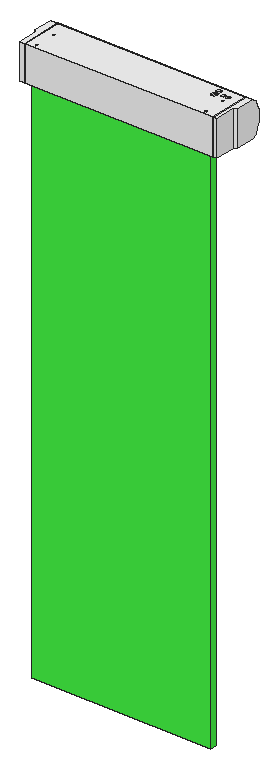
Revit family "Thermoscreens_AirCurtain_C1000NT", category Mechanical Equipment, Revit 2015
Parameters (values of type "C1000A NT")
  Weight = "15kg"
  WaterContent = "0.41 Litres"
  WarrantyStartDate(default) = "from date sold"
  WarrantyGuarantorParts = "2 years"
  WarrantyGuarantorLabour = "2years"
  WarrantyDurationParts = "2years"
  WarrantyDurationLabour = "2 years"
  WarrantyDescription = "unit fully covered for 2 years"
  Version = 1 mm
  UsageCurrent = "0.7"
  UnitWidth = 233.4 mm
  UnitLength = 1059 mm
  UniClass2 = "G52HVAC"
  URL = "http://www.thermoscreens.com/"
  Type Comments = "0.0"
  TubingLength = 87 mm
  ThermalMassHeatCapacity = "0.0"
  ThermalEfficiency = 0 mm
  TempertureClassification = "Low Temperature"
  TagNumber(default) = "n/a"
  SustainabilityPerformance = "n/a"
  Supply = "230V~1P&N"
  Status = "New"
  Size = "1137 x 198 x 275"
  Shape = "n/a"
  ServiceLifeType = "n/a"
  ServiceLifeDuration = "2 years"
  SerialNumber(default) = "n/a"
  RightHandAssembly = no
  ReferenceStandard = "n/a"
  Reference = "n/a"
  RatedVoltage = "230v 1Phase+N"
  RatedCurrent = 0.7 mm
  ProductionYear = "2015"
  ProductURL = "http://www.thermoscreens.com/our-product-range/c-range"
  Process = "n/a"
  PowerFactor = 0 mm
  PlacementType = 0 mm
  ReplacementCost = "n/a"
  PhaseReference = "L1 L2 L3+N+E"
  PhaseAngle = 0 mm
  OutputCapacity = "n/a"
  NumberOfSections = 0 mm
  NumberOfPoles = 0 mm
  NumberOfPanels = 0 mm
  NominalWidth = "198mm"
  NominalVoltage = "0.0"
  NominalLength = "1137mm"
  NominalHeight = "275mm"
  NominalFrequencyRange = 0 mm
  NominalCurrent = "+5% of 230v"
  NBSTypeID = "n/a"
  NBSReference = "n/a"
  NBSNote = "n/a"
  NBSDecription = "Surface mouted air curtain"
  MountingHeight = 3000 mm
  ModelReference = "C1000A NT"
  ModelLable = "n/a"
  Model = "C1000A NT"
  MinToMaxOffsetFromFloor = "up to 3meters"
  MethodOfMeasurement = "mm"
  MaxiumMountingHeight = 3000 mm
  MaxVelocity = "9.0(m/s)"
  MaxAirVolume = "1250(M3/H)"
  Material = "20 gauge sheet steel"
  ManufacturerURL = "http://www.thermoscreens.com/"
  Manufacturer = "Thermoscreens LTD"
  LoadingPerPhase = "0.7(A)*PerPhase"
  LifeCyclePhase = "n/a"
  LeftHandAssembly = yes
  Keynote = "n/a"
  IssueDate = "12/02/15"
  InsulationStandardClass = "0.0"
  InstallationDate(default) = "n/a"
  IfcExportType = "n/a"
  IfcExportAs = "n/a"
  IPCode = "IP21"
  Help = "http://www.thermoscreens.com/contact-us"
  HeatTransferMedium = "n/a"
  HeatTransferDimension = "n/a"
  Heat source = "n/a"
  HeatOutput = "n/a"
  HasProtectiveEarth = "True"
  Grade = "n/a"
  Finish = "Corrision resistant pre-finished 20 gauge sheet steel"
  Filters(optional) = "PS media"
  Features = "n/a"
  Fans = "100mm forward curved metal bladed crossflow impellers"
  EnergySource = 0 mm
  ElectrialDeviceNominalPower = "n/a"
  Documentation = "n/a"
  DocumentReference = "n/a"
  Description = "Thermoscreens C range of air curtains are compact and are the ideal solution where space is at a premium. The air curtains will provide climate separation and available in standard widths of 1, 1.5 and 2m.  Models available are ambient (without heating), electrical or water heated versions. Water heated (LPHW) versions are available with 2 row coils. Motorised three port valves are supplied as standard with all LPHW models. Electrical and LPHW models are supplied complete with Ecopower control."
  Author = "Thermoscreens ltd"
  UnitColor = "RAL standard 9010 (white) this can be changed upon request of the customer"
  Cost = 0
  Constituents = "n/a"
  Connections = "Electrial supply inlet"
  ConductorFunction = "0.0"
  Color = "As standered white but this can be changed to the ordered color."
  CodePerformance = "n/a"
  CenterY = UnitWidth / 2  # 116.7 mm
  CenterX = UnitLength / 2  # 529.5 mm
  BodyMass = 15 mm
  BarCode(default) = "n/a"
  BIMObjectName = "Thermoscreens_AirCurtain_C1000ANT"
  AssetIdentifier(default) = "n/a"
  Assembly Code = "0.0"
  AirFlowDirection = yes
  AirFlow = yes
  AccessibilityPerformance = "n/a"
  NoiseLevelMedFanSpeed = "53dB@3M"
  NoiseLevelLowFanSpeed = "50dB@3M"
  NoiseLevelHighFanSpeed = "55dB@3M"
Types (4, lengths in mm): name | Weight | UsageCurrent | Supply | RatedVoltage | RatedCurrent | OutputCapacity | NominalCurrent | ModelReference | Model | MaxVelocity | MaxAirVolume | LoadingPerPhase | IssueDate | Heat source | HeatOutput | ElectrialDeviceNominalPower | BodyMass | BIMObjectName | NoiseLevelMedFanSpeed | NoiseLevelLowFanSpeed | NoiseLevelHighFanSpeed
  (no name) | "15kg" | "0.7" | "230V~1P&N" | "230v 1Phase+N" | 0.7 | "n/a" | "+5% of 230v" | "C1000A NT" | "C1000A NT" | "9.0(m/s)" | "1250(M3/H)" | "0.7(A)*PerPhase" | "12/02/15" | "n/a" | "n/a" | "n/a" | 15 | "Thermoscreens_AirCurtain_C1000ANT" | "53dB@3M" | "50dB@3M" | "55dB@3M"
  C1000E NT | "16" | "13.7" | "400V~3P&N" | "400v 3Phase+N" | 13.7 | "4.5/9" | "+5% of 400v" | "C1000E NT" | "C1000E NT" | "9.0" | "1250" | "*13.7" | "12/02/15" | "Electric heated elements or low pressure hot water coils" | "4.5/9" | "4.5/9(kW)" | 16 | "Thermoscreens_AirCurtain_C1000ENT" | "53" | "50" | "55"
  C1000A NT | "15kg" | "0.7" | "230V~1P&N" | "230v 1Phase+N" | 0.7 | "n/a" | "+5% of 230v" | "C1000A NT" | "C1000A NT" | "9.0(m/s)" | "1250(M3/H)" | "0.7(A)*PerPhase" | "12/02/15" | "n/a" | "n/a" | "n/a" | 15 | "Thermoscreens_AirCurtain_C1000ANT" | "53dB@3M" | "50dB@3M" | "55dB@3M"
  C1000W NT | "18" | "0.7" | "230V~1P&N" | "230v 1Phase+N" | 0.7 | "6" | "+5% of 230v" | "C1000W NT" | "C1000W NT" | "8.5" | "1180" | "0.7" | "23/03/2015" | "Electric heated elements or low pressure hot water coils" | "6" | "6(kW)" | 18 | "Thermoscreens_AirCurtain_C1000WNT" | "53" | "50" | "55"
Reference planes
  plane 1 "Center (Front/Back)": y = 0
  plane 2: z = 3000
  plane 3 "Center (Left/Right)": x = 0
Forms (mm)
  Extrusion 1, solid, material "Default"
    sketch origin (0, 0, 3000) x (1, 0, 0) y (0, 1, 0)
      loop
        line (-529.5, 116.7) -> (-529.5, -116.7) -> (529.5, -116.7) -> (529.5, 116.7) -> (-529.5, 116.7)
    from 0 to 1.2
  Extrusion 2, solid, material "Default"
    sketch origin (529.5, -116.7, 3000) x (-1, 0, 0) y (0, 0, -1)
      loop
        line (0, 0) -> (0, -198) -> (1059, -198) -> (1059, 0) -> (0, 0)
    from 0 to -1.2
  Extrusion 3, solid, material "Default"
    sketch origin (529.5, 116.7, 3000) x (0, -1, 0) y (0, 0, -1)
      loop
        line (233.4, -198) -> (233.4, 0) -> (0, 0) -> (0, -198) -> (233.4, -198)
    from 0 to -1.2
  Extrusion 4, solid, material "Default"
    sketch origin (-529.5, -116.7, 3000) x (0, 1, 0) y (0, 0, -1)
      loop
        line (233.4, -198) -> (233.4, 0) -> (0, 0) -> (0, -198) -> (233.4, -198)
    from 0 to -1.2
  Extrusion 5, solid, material "Default"
    sketch origin (-529.5, 116.7, 3198) x (0, -1, 0) y (1, 0, 0)
      loop
        line (0, 1059) -> (0, 0) -> (233.4, 0) -> (233.4, 1059) -> (0, 1059)
    from 0 to -1.2
  Extrusion 6, solid, material "Default"
    sketch origin (-529.5, -116.7, 3198) x (0, 0, -1) y (0, -1, 0)
      loop
        line (198, -233.4) -> (0, -233.4) -> (15.363, -251.708)
        arc (15.363, -251.708) -> (99, -274.6) -> (182.637, -251.708) r 164.236
        line (182.637, -251.708) -> (198, -233.4)
    from 0 to -1059
  Extrusion 7, void
    sketch origin (-529.5, -116.7, 3000) x (-1, 0, 0) y (0, -1, 0)
      loop
        line (-24.5, -21.2) -> (-1034.5, -21.2) -> (-1034.5, -51.2) -> (-24.5, -51.2) -> (-24.5, -21.2)
    from 0 to 20
  Extrusion 8, solid, material "Default"
    sketch origin (529.5, -116.7, 3000) x (0, 0, 1) y (0, -1, 0)
      loop
        line (198, -233.4) -> (198, 0) -> (0, 0) -> (0, -233.4) -> (15.363, -251.708)
        arc (15.363, -251.708) -> (99, -274.6) -> (182.637, -251.708) r 164.236
        line (182.637, -251.708) -> (198, -233.4)
    from 0 to 25.1
  Extrusion 9, solid, material "Default"
    sketch origin (554.6, -116.7, 3000) x (0, 0, 1) y (0, -1, 0)
      loop
        line (99, -111.7) -> (0, -111.7) -> (0, -233.4) -> (15.363, -251.708)
        arc (15.363, -251.708) -> (99, -274.6) -> (182.637, -251.708) r 164.236
        line (182.637, -251.708) -> (198, -233.4) -> (198, -111.7) -> (99, -111.7)
    from 0 to 15
  Extrusion 10, solid, material "Default"
    sketch origin (-529.5, -116.7, 3198) x (0, 0, -1) y (0, -1, 0)
      loop
        line (0, 0) -> (0, -233.4) -> (15.363, -251.708)
        arc (15.363, -251.708) -> (99, -274.6) -> (182.637, -251.708) r 164.236
        line (182.637, -251.708) -> (198, -233.4) -> (198, 0) -> (0, 0)
    from 0 to 25.1
  Extrusion 11, solid, material "Default"
    sketch origin (-554.6, -116.7, 3198) x (0, 0, -1) y (0, -1, 0)
      loop
        line (0, -233.4) -> (15.363, -251.708)
        arc (15.363, -251.708) -> (99, -274.6) -> (182.637, -251.708) r 164.236
        line (182.637, -251.708) -> (198, -233.4) -> (198, -111.7) -> (99, -111.7) -> (0, -111.7) -> (0, -233.4)
    from 0 to 15
  Extrusion 12, void
    sketch origin (529.5, -116.7, 3198) x (0, -1, 0) y (-1, 0, 0)
      loop
        circle (-21, 1004.1) r 5
      loop
        circle (-141, 1004.1) r 5
      loop
        circle (-141, 54.9) r 5
      loop
        circle (-21, 54.9) r 5
    from 0 to 1.2
  Extrusion 13, void
    sketch origin (529.5, -116.7, 3198) x (0, -1, 0) y (-1, 0, 0)
      loop
        circle (-195.093, 120.9) r 15
      loop
        circle (-162.093, 120.9) r 15
      loop
        circle (-177.093, 79.905) r 10
      loop
        circle (-177.093, 53.839) r 10
    from 0 to 1.2
  Extrusion 14, solid, material "Default New Material", visible <- "AirFlow", detail levels fine
    sketch origin (-529.5, -116.7, 3000) x (0, -1, 0) y (-1, 0, 0)
      loop
        line (-21.2, -1034.5) -> (-21.2, -24.5) -> (-51.2, -24.5) -> (-51.2, -1034.5) -> (-21.2, -1034.5)
    from 0 to 3000
  Extrusion 15, void
    sketch origin (-554.6, -5, 3198) x (-1, 0, 0) y (0, 1, 0)
      loop
        line (0, 0) -> (15, 0) -> (15, 15) -> (0, 0)
      loop
        line (-1109.2, 0) -> (-1124.2, 15) -> (-1124.2, 0) -> (-1109.2, 0)
    from 0 to 300
Cuts and joins
  Extrusion 7, Extrusion 12, Extrusion 13 cuts Extrusion 1
  Extrusion 7, Extrusion 12, Extrusion 13 cuts Extrusion 2
  Extrusion 7, Extrusion 12, Extrusion 13 cuts Extrusion 3
  Extrusion 7, Extrusion 12, Extrusion 13 cuts Extrusion 4
  Extrusion 7, Extrusion 12, Extrusion 13 cuts Extrusion 5
  joined: Extrusion 1, Extrusion 2, Extrusion 3, Extrusion 4, Extrusion 5
  Extrusion 15 cuts Extrusion 10
  Extrusion 15 cuts Extrusion 11
  joined: Extrusion 10, Extrusion 11
  Extrusion 15 cuts Extrusion 8
  Extrusion 15 cuts Extrusion 9
  joined: Extrusion 8, Extrusion 9
Lines and regions (mm)
  model lines, visible <- "AirFlowDirection", detail levels fine
    curve 1: line (0, -81.532, 2990) -> (0, -79.505, 2990)
    curve 2: line (0, -79.505, 2990) -> (0, -79.505, 2980)
    curve 3: line (0, -79.505, 2980) -> (0, -77.505, 2980)
    curve 4: line (0, -81.532, 2990) -> (0, -81.532, 2980)
    curve 5: line (0, -81.532, 2980) -> (0, -83.532, 2980)
    curve 6: line (0, -80.5, 2973) -> (0, -83.532, 2980)
    curve 7: line (0, -80.5, 2973) -> (0, -77.505, 2980)
Dimensions and locks
  "CenterY": plane 1 "Center (Front/Back)" to Extrusion 1 sketch curve
  "UnitWidth": Extrusion 1 sketch curve to Extrusion 1 sketch curve
  "CenterX": Extrusion 1 sketch curve to plane 3 "Center (Left/Right)"
  "UnitLength": Extrusion 1 sketch curve to Extrusion 1 sketch curve
  Extrusion 7 sketch curve to cut or joined group 1 (Extrusion 1, Extrusion 2, Extrusion 3, Extrusion 4, Extrusion 5, Extrusion 7, Extrusion 12, Extrusion 13) = 24.5 mm
  Extrusion 7 sketch curve to Extrusion 7 sketch curve = 1010 mm
  cut or joined group 1 to Extrusion 7 sketch curve = 20 mm
  Extrusion 12 sketch curve to Extrusion 11 = 95 mm  (x2)
  Extrusion 12 sketch curve to Extrusion 12 sketch curve = 120 mm  (x2)
  Extrusion 9 to Extrusion 12 sketch curve = 95 mm  (x2)
  cut or joined group 1 to Extrusion 12 sketch curve = 21 mm  (x2)
  Extrusion 9 to Extrusion 13 sketch curve = 161 mm  (x2)
  Extrusion 13 sketch curve to Extrusion 13 sketch curve = 33 mm
  aligned and locked: level to plane 2
Automatic sketch dimensions
  Extrusion 2 sketch curve to Extrusion 1 = 0 mm  (x3)
  Extrusion 2 sketch curve to Extrusion 1 = 196.8 mm
  Extrusion 3 sketch curve to Extrusion 1 = 0 mm  (x3)
  Extrusion 3 sketch curve to Extrusion 1 = 196.8 mm
  Extrusion 4 sketch curve to Extrusion 1 = 0 mm  (x3)
  Extrusion 4 sketch curve to Extrusion 1 = 196.8 mm
  Extrusion 5 sketch curve to Extrusion 4 = 0 mm  (x2)
  Extrusion 4 to Extrusion 5 sketch curve = 0 mm
  Extrusion 5 sketch curve to Extrusion 4 = 1057.8 mm
  Extrusion 6 sketch curve to Extrusion 2 = 0 mm  (x2)
  Extrusion 2 to Extrusion 6 sketch curve = 15.363 mm
  Extrusion 2 to Extrusion 6 sketch curve = 99 mm
  Extrusion 6 sketch curve to Extrusion 2 = 15.363 mm
  Extrusion 6 sketch curve to Extrusion 2 = 250.508 mm
  Extrusion 6 sketch curve to Extrusion 6 sketch curve = 18.308 mm
  Extrusion 6 sketch curve to Extrusion 2 = 109.164 mm
  Extrusion 2 to Extrusion 8 sketch curve = 0 mm
  Extrusion 8 sketch curve to Extrusion 2 = 0 mm  (x2)
  Extrusion 2 to Extrusion 8 sketch curve = 15.363 mm  (x2)
  Extrusion 2 to Extrusion 8 sketch curve = 99 mm
  Extrusion 8 sketch curve to Extrusion 2 = 109.164 mm
  Extrusion 8 sketch curve to Extrusion 8 sketch curve = 123.036 mm  (x2)
  Extrusion 8 sketch curve to Extrusion 8 sketch curve = 18.308 mm
  Extrusion 8 to Extrusion 9 sketch curve = 0 mm  (x2)
  Extrusion 9 sketch curve to Extrusion 8 = 0 mm  (x4)
  Extrusion 9 sketch curve to Extrusion 9 sketch curve = 0 mm
  Extrusion 9 sketch curve to Extrusion 9 sketch curve = 1.336 mm
  Extrusion 10 sketch curve to Extrusion 2 = 0 mm  (x3)
  Extrusion 2 to Extrusion 10 sketch curve = 15.363 mm
  Extrusion 2 to Extrusion 10 sketch curve = 99 mm
  Extrusion 10 sketch curve to Extrusion 2 = 15.363 mm
  Extrusion 10 sketch curve to Extrusion 2 = 109.164 mm
  Extrusion 10 sketch curve to Extrusion 10 sketch curve = 123.036 mm  (x2)
  Extrusion 10 sketch curve to Extrusion 10 sketch curve = 18.308 mm
  Extrusion 11 sketch curve to Extrusion 10 = 0 mm  (x5)
  Extrusion 10 to Extrusion 11 sketch curve = 0 mm
  Extrusion 11 sketch curve to Extrusion 11 sketch curve = 0 mm
  Extrusion 11 sketch curve to Extrusion 11 sketch curve = 1.336 mm
  plane 1 "Center (Front/Back)" to curve 6 = 83.532 mm
  curve 5 to curve 4 = 2 mm
  curve 4 to curve 3 = 2.027 mm
  curve 4 to curve 2 = 0 mm
  curve 2 to curve 2 = 10 mm
  curve 7 to level = 20 mm
  curve 2 to curve 7 = 2 mm
  curve 6 to level = 27 mm
  curve 6 to curve 2 = 0.995 mm
  Extrusion 2 to Extrusion 14 sketch curve = 24.5 mm
  Extrusion 2 to Extrusion 14 sketch curve = 50 mm
  Extrusion 2 to Extrusion 14 sketch curve = 20 mm
  Extrusion 14 sketch curve to Extrusion 2 = 24.5 mm
  Extrusion 7 sketch curve to Extrusion 7 sketch curve = 30 mm
  Extrusion 13 sketch curve to Extrusion 2 = 193.893 mm
  Extrusion 13 sketch curve to Extrusion 13 sketch curve = 15 mm
  Extrusion 13 sketch curve to Extrusion 13 sketch curve = 0 mm
  Extrusion 13 sketch curve to Extrusion 13 sketch curve = 40.995 mm
  Extrusion 13 sketch curve to Extrusion 13 sketch curve = 26.066 mm
  Extrusion 11 to Extrusion 15 sketch curve = 0 mm
  Extrusion 15 sketch curve to Extrusion 11 = 0 mm  (x3)
  Extrusion 15 sketch curve to Extrusion 15 sketch curve = 1124.2 mm
  Extrusion 15 sketch curve to Extrusion 15 sketch curve = 15 mm  (x2)
  Extrusion 11 to Extrusion 15 sketch curve = 15 mm
  radius of Extrusion 9 sketch curve to Extrusion 8 = 0 mm
  radius of Extrusion 11 sketch curve to Extrusion 10 = 0 mm
  radius of Extrusion 12 sketch curve = 5 mm  (x4)
  radius of Extrusion 13 sketch curve = 15 mm  (x2)
  radius of Extrusion 13 sketch curve = 10 mm  (x2)
Connectors
  piping at (-474.6, 24.3, 3198), diameter 10
    settings: on cut or joined group 1, index 3, connector inside diameter 609.6 mm, connector length 0 mm, flow factor 0, pipe flow 0.0 L/s, pressure drop 0.0 Pa, fitting loss kfactor 0, connector angle 0.00°, fixture units 0, engagement length 0 mm, angle of deflection 0.00°, flow configuration 0, flow direction 0, fitting loss method 0, system type 28, joint type 0, gender type 0, connector reference index -1, connector utility 0, adjustable connector no, is connector primary yes, connector description ""
  piping at (-474.6, -95.7, 3198), diameter 10
    settings: on cut or joined group 1, index 4, connector inside diameter 609.6 mm, connector length 0 mm, flow factor 0, pipe flow 0.0 L/s, pressure drop 0.0 Pa, fitting loss kfactor 0, connector angle 0.00°, fixture units 0, engagement length 0 mm, angle of deflection 0.00°, flow configuration 0, flow direction 0, fitting loss method 0, system type 28, joint type 0, gender type 0, connector reference index -1, connector utility 0, adjustable connector no, is connector primary no, connector description ""
  piping at (474.6, -95.7, 3198), diameter 10
    settings: on cut or joined group 1, index 5, connector inside diameter 609.6 mm, connector length 0 mm, flow factor 0, pipe flow 0.0 L/s, pressure drop 0.0 Pa, fitting loss kfactor 0, connector angle 0.00°, fixture units 0, engagement length 0 mm, angle of deflection 0.00°, flow configuration 0, flow direction 0, fitting loss method 0, system type 28, joint type 0, gender type 0, connector reference index -1, connector utility 0, adjustable connector no, is connector primary no, connector description ""
  piping at (474.6, 24.3, 3198), diameter 10
    settings: on cut or joined group 1, index 6, connector inside diameter 609.6 mm, connector length 0 mm, flow factor 0, pipe flow 0.0 L/s, pressure drop 0.0 Pa, fitting loss kfactor 0, connector angle 0.00°, fixture units 0, engagement length 0 mm, angle of deflection 0.00°, flow configuration 0, flow direction 0, fitting loss method 0, system type 28, joint type 0, gender type 0, connector reference index -1, connector utility 0, adjustable connector no, is connector primary no, connector description ""
  piping at (408.6, 78.393, 3198), diameter 30
    settings: on cut or joined group 1, index 7, connector inside diameter 609.6 mm, connector length 0 mm, flow factor 0, pipe flow 0.0 L/s, pressure drop 0.0 Pa, fitting loss kfactor 0, connector angle 0.00°, fixture units 0, engagement length 0 mm, angle of deflection 0.00°, flow configuration 0, flow direction 2, fitting loss method 4, system type 19, joint type 0, gender type 0, connector reference index -1, connector utility 0, adjustable connector no, is connector primary no, connector description ""
  piping at (408.6, 45.393, 3198), diameter 30
    settings: on cut or joined group 1, index 8, connector inside diameter 609.6 mm, connector length 0 mm, flow factor 0, pipe flow 0.0 L/s, pressure drop 0.0 Pa, fitting loss kfactor 0, connector angle 0.00°, fixture units 0, engagement length 0 mm, angle of deflection 0.00°, flow configuration 0, flow direction 1, fitting loss method 4, system type 19, joint type 0, gender type 0, connector reference index -1, connector utility 0, adjustable connector no, is connector primary no, connector description ""
  piping at (408.6, 45.393, 3198), diameter 30
    settings: on cut or joined group 1, index 11, connector inside diameter 609.6 mm, connector length 0 mm, flow factor 0, pipe flow 0.0 L/s, pressure drop 0.0 Pa, fitting loss kfactor 0, connector angle 0.00°, fixture units 0, engagement length 0 mm, angle of deflection 0.00°, flow configuration 0, flow direction 1, fitting loss method 4, system type 19, joint type 0, gender type 0, connector reference index -1, connector utility 0, adjustable connector no, is connector primary no, connector description ""
  piping at (408.6, 45.393, 3198), diameter 30
    settings: on cut or joined group 1, index 12, connector inside diameter 609.6 mm, connector length 0 mm, flow factor 0, pipe flow 0.0 L/s, pressure drop 0.0 Pa, fitting loss kfactor 0, connector angle 0.00°, fixture units 0, engagement length 0 mm, angle of deflection 0.00°, flow configuration 0, flow direction 2, fitting loss method 4, system type 19, joint type 0, gender type 0, connector reference index -1, connector utility 0, adjustable connector no, is connector primary no, connector description ""
  piping at (408.6, 78.393, 3198), diameter 30
    settings: on cut or joined group 1, index 13, connector inside diameter 609.6 mm, connector length 0 mm, flow factor 0, pipe flow 0.0 L/s, pressure drop 0.0 Pa, fitting loss kfactor 0, connector angle 0.00°, fixture units 0, engagement length 0 mm, angle of deflection 0.00°, flow configuration 0, flow direction 1, fitting loss method 4, system type 20, joint type 0, gender type 0, connector reference index -1, connector utility 0, adjustable connector no, is connector primary no, connector description ""
  electrical at (449.595, 60.393, 3198)
    settings: on cut or joined group 1, index 14, voltage 0 V, apparent load 0 VA, apparent load phase1 0 VA, apparent load phase2 0 VA, apparent load phase3 0 VA, power factor 1, load classification "Other", number of poles 1, system type 14, power factor state 1, is connector primary yes, connector utility no, sub classification motor no, connector description ""
  electrical at (475.661, 60.393, 3196.8)
    settings: on cut or joined group 1, index 15, voltage 0 V, apparent load 0 VA, apparent load phase1 0 VA, apparent load phase2 0 VA, apparent load phase3 0 VA, power factor 1, load classification "Other", number of poles 1, system type 14, power factor state 1, is connector primary no, connector utility no, sub classification motor no, connector description ""
